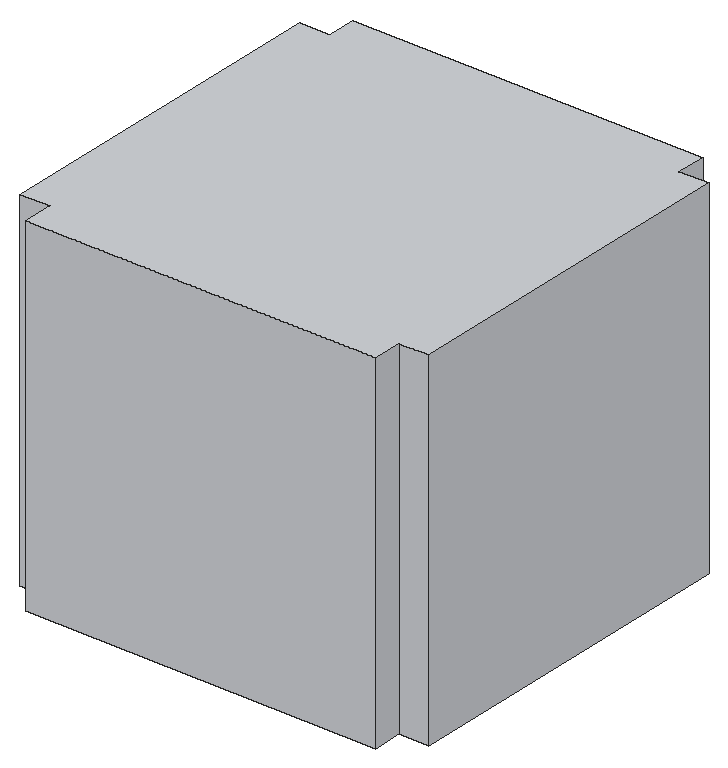
Revit family "b1f43c49a2b441feb0b8a949f3cd5acd", category Duct Fittings, Revit 2021
Family settings
  Round Connector Dimension = Use Diameter
  Part Type = Cross
  OmniClass Number = 23.75.70.14
  OmniClass Title = Air Ductwork
  Seek Item ID = Rectangular Cross-0000-USA-ENU
  Work Plane-Based = No
  Always vertical = Yes
  Cut with Voids When Loaded = No
  Shared = No
Parameters (values of type "Standard")
  Duct Width 4 [instance] = 12"
  Duct Width 3 [instance] = 12"
  Duct Width 1 [instance] = 12"
  Shoulder [instance] = 1"
  Length3 [instance] = Length3a + Shoulder  # 7"
  Length1a [instance] = if(Duct Width 3 > Duct Width 4, Duct Width 3 / 2, Duct Width 4 / 2)  # 6"
  Length1 [instance] = Length1a + Shoulder  # 7"
  Length3a [instance] = Duct Width 1 / 2  # 6"
  Duct Height [instance] = 12"
  Default Elevation = 0' - 0"
Reference planes (in)
  plane 1 "Center (Front/Back)": y = 0
  plane 2: z = 0
  plane 3 "Center (Left/Right)": x = 0
  plane 4: x = -7
  plane 5: y = 7
  plane 6: x = 7
  plane 7: y = -7
  plane 8: z = 6
  plane 9: z = -6
Forms (in)
  Sweep 1, solid, detail levels medium+fine
    path in 3D
      loop
        line (-7, 0, 0) -> (0, 0, 0)
    profile "Duct - Rectangular : Duct - Rectangular" origin (-3.5, 0, 0) x (0, 1, 0) y (0, 0, 1)
      loop
        line (-6, 6) -> (-6, -6) -> (6, -6) -> (6, 6) -> (-6, 6)
  Sweep 2, solid, detail levels medium+fine
    path in 3D
      loop
        line (0, 0, 0) -> (7, 0, 0)
    profile "Duct - Rectangular : Duct - Rectangular" origin (3.5, 0, 0) x (0, 1, 0) y (0, 0, 1)
      loop
        line (-6, 6) -> (-6, -6) -> (6, -6) -> (6, 6) -> (-6, 6)
  Sweep 3, solid, detail levels medium+fine
    path in 3D
      loop
        line (0, 0, 0) -> (0, 7, 0)
    profile "Duct - Rectangular : Duct - Rectangular 3" origin (0, 3.5, 0) x (-1, 0, 0) y (0, 0, 1)
      loop
        line (-6, 6) -> (-6, -6) -> (6, -6) -> (6, 6) -> (-6, 6)
  Sweep 4, solid, detail levels medium+fine
    path in 3D
      loop
        line (0, 0, 0) -> (0, -7, 0)
    profile "Duct - Rectangular : Duct - Rectangular 4" origin (0, -3.5, 0) x (1, 0, 0) y (0, 0, 1)
      loop
        line (-6, 6) -> (-6, -6) -> (6, -6) -> (6, 6) -> (-6, 6)
Cuts and joins
  joined: Sweep 1, Sweep 2, Sweep 3, Sweep 4
Lines and regions (in)
  reference lines
    curve 1: line (-7, 0, 0) -> (0, 0, 0)
    curve 2: line (0, 0, 0) -> (7, 0, 0)
    curve 3: line (0, 0, 0) -> (0, 7, 0)
    curve 4: line (0, 0, 0) -> (0, -7, 0)
  sketch lines
    curve 5: line (-7, 0, 0) -> (0, 0, 0)
    curve 6: line (0, 0, 0) -> (7, 0, 0)
    curve 7: line (0, 0, 0) -> (0, 7, 0)
    curve 8: line (0, 0, 0) -> (0, -7, 0)
  model lines, style "DuctFitting", detail levels coarse
    curve 9: line (-7, 0, 0) -> (0, 0, 0)
    curve 10: line (0, 0, 0) -> (7, 0, 0)
    curve 11: line (0, 0, 0) -> (0, 7, 0)
    curve 12: line (0, 0, 0) -> (0, -7, 0)
Dimensions and locks (in)
  "Length3": plane 1 "Center (Front/Back)" to plane 5
  "Length3": plane 7 to plane 1 "Center (Front/Back)"
  equal spacing: plane 4, plane 3 "Center (Left/Right)", plane 6
  "Length1": plane 4 to plane 3 "Center (Left/Right)"
  equal spacing: plane 8, level, plane 9
  "Duct Height": plane 8 to plane 9
  aligned and locked: plane 4 to curve 1
  aligned and locked: plane 1 "Center (Front/Back)" to curve 1
  aligned and locked: plane 6 to curve 2
  aligned and locked: plane 3 "Center (Left/Right)" to curve 2
  aligned and locked: plane 1 "Center (Front/Back)" to curve 2
  aligned and locked: plane 5 to curve 3
  aligned and locked: plane 7 to curve 4
  aligned and locked: curve 9 to curve 1
  aligned and locked: curve 10 to curve 2
  aligned and locked: curve 12 to curve 4
Automatic sketch dimensions
  curve 9 to plane 4 = 0' - 0"
  curve 10 to plane 6 = 0' - 0"
  curve 11 to plane 5 = 0' - 0"
  curve 12 to plane 7 = 0' - 0"
Connectors (in)
  hvac at (-7, 0, 0), driven by "Duct Height", driven by "Duct Width 1"
    settings: on cut or joined group of Sweep 1, Sweep 2, Sweep 3, Sweep 4, index 1, duct flow 0 CFM, flow factor 0, pres drop 0.00 in-wg, loss coef 0, conn angle 0.00°, conn width 12", conn height 12", conn diameter 24", duct sys type 28, conn prof type 1, flow config 0, flow direction 0, loss method 0, conn ref index 2, conn util no, is conn primary yes, conn desc ""
  hvac at (7, 0, 0), driven by "Duct Height", driven by "Duct Width 1"
    settings: on cut or joined group of Sweep 1, Sweep 2, Sweep 3, Sweep 4, index 2, duct flow 0 CFM, flow factor 0, pres drop 0.00 in-wg, loss coef 0, conn angle 0.00°, conn width 12", conn height 12", conn diameter 24", duct sys type 28, conn prof type 1, flow config 0, flow direction 0, loss method 0, conn ref index 1, conn util no, is conn primary no, conn desc ""
  hvac at (0, 7, 0), driven by "Duct Height", driven by "Duct Width 3"
    settings: on cut or joined group of Sweep 1, Sweep 2, Sweep 3, Sweep 4, index 3, duct flow 0 CFM, flow factor 0, pres drop 0.00 in-wg, loss coef 0, conn angle 0.00°, conn width 12", conn height 12", conn diameter 24", duct sys type 28, conn prof type 1, flow config 0, flow direction 0, loss method 0, conn ref index 4, conn util no, is conn primary no, conn desc ""
  hvac at (0, -7, 0), driven by "Duct Height", driven by "Duct Width 4"
    settings: on cut or joined group of Sweep 1, Sweep 2, Sweep 3, Sweep 4, index 4, duct flow 0 CFM, flow factor 0, pres drop 0.00 in-wg, loss coef 0, conn angle 0.00°, conn width 12", conn height 12", conn diameter 24", duct sys type 28, conn prof type 1, flow config 0, flow direction 0, loss method 0, conn ref index 3, conn util no, is conn primary no, conn desc ""
